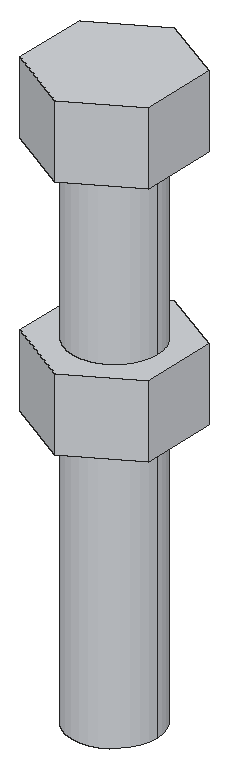
Revit family "Lag Bolt", category Generic Models, Revit 2018
Family settings
  Can host rebar = No
  Round Connector Dimension = Use Diameter
  Part Type = Normal
  Work Plane-Based = Yes
  Always vertical = No
  Cut with Voids When Loaded = No
  Shared = No
  Room Calculation Point = No
Parameters (values of type "1/2" x 3"")
  Thickness_of_Substrate [instance] = 0' - 1"
  Side = Head Size * 0.57812  # 0' - 0 111/256"
  Radius = Diameter / 2  # 0' - 0 1/4"
  Nut_Visibility [instance] = yes
  Length = 0' - 3"
  Head Size = 0' - 0 3/4"
  Head Radius = Head Size / 2  # 0' - 0 3/8"
  Head Height = 0' - 0 27/64"
  Diameter = 0' - 0 1/2"
  Default Elevation = 4' - 0"
  Bolt Material (Size) [instance] = none
Types (13): name | Side | Radius | Nut_Visibility | Length | Head Size | Head Radius | Head Height | Diameter
  1/2" x 3" | 0' - 0 111/256" | 0' - 0 1/4" | yes | 0' - 3" | 0' - 0 3/4" | 0' - 0 3/8" | 0' - 0 27/64" | 0' - 0 1/2"
  1/4" x 3" | 0' - 0.25293" | 0' - 0 1/8" | yes | 0' - 3" | 0' - 0 7/16" | 0' - 0 7/32" | 0' - 0 11/64" | 0' - 0 1/4"
  5/16" x 3" | 0' - 0 37/128" | 0' - 0 5/32" | yes | 0' - 3" | 0' - 0 1/2" | 0' - 0 1/4" | 0' - 0 7/32" | 0' - 0 5/16"
  3/8" x 3" | 0' - 0.3252" | 0' - 0 3/16" | no | 0' - 3" | 0' - 0 9/16" | 0' - 0 9/32" | 0' - 0 1/4" | 0' - 0 3/8"
  7/16" x 3" | 0' - 0.36133" | 0' - 0 7/32" | yes | 0' - 3" | 0' - 0 5/8" | 0' - 0 5/16" | 0' - 0 19/64" | 0' - 0 7/16"
  5/8" x 3" | 0' - 0.54199" | 0' - 0 5/16" | yes | 0' - 3" | 0' - 0 15/16" | 0' - 0 15/32" | 0' - 0 27/64" | 0' - 0 5/8"
  1/2" x 2 1/2" | 0' - 0 111/256" | 0' - 0 1/4" | yes | 0' - 2 1/2" | 0' - 0 3/4" | 0' - 0 3/8" | 0' - 0 11/32" | 0' - 0 1/2"
  3/4" x 2" | 0' - 0.65039" | 0' - 0 3/8" | yes | 0' - 2" | 0' - 1 1/8" | 0' - 0 9/16" | 0' - 0 1/2" | 0' - 0 3/4"
  3/8" x 1" | 0' - 0.3252" | 0' - 0 3/16" | yes | 0' - 1" | 0' - 0 9/16" | 0' - 0 9/32" | 0' - 0 1/4" | 0' - 0 3/8"
  1/2" x 4" | 0' - 0 111/256" | 0' - 0 1/4" | no | 0' - 4" | 0' - 0 3/4" | 0' - 0 3/8" | 0' - 0 1/2" | 0' - 0 1/2"
  TWO | 0' - 0 37/128" | 0' - 0 5/32" | yes | 0' - 1" | 0' - 0 1/2" | 0' - 0 1/4" | 0' - 0 7/32" | 0' - 0 5/16"
  ONE | 0' - 0 37/128" | 0' - 0 5/32" | yes | 0' - 1 3/4" | 0' - 0 1/2" | 0' - 0 1/4" | 0' - 0 7/32" | 0' - 0 5/16"
  1/4" x 5" | 0' - 0.25293" | 0' - 0 1/8" | no | 0' - 5" | 0' - 0 7/16" | 0' - 0 7/32" | 0' - 0 11/64" | 0' - 0 1/4"
Reference planes (in)
  plane 1 "Center (Front/Back)": y = 0
  plane 2: z = 0
  plane 3 "Center (Left/Right)": x = 0
  plane 4: z = 0.42187
  plane 5: z = -3
  plane 6: y = 0
  plane 7: x = 0
  plane 8: z = -1
Forms (in)
  Extrusion 1, solid, material <- "Bolt Material (Size)"
    sketch origin (0, 0, 0) x (1, 0, 0) y (0, 1, 0)
      loop
        circle (0, 0) r 0.25
    from -3 to 0
Lines and regions (in)
  model lines, style "InvisibleLines"
    curve 1: line (0, -0.64952, 0.42188) -> (0, 0.64952, 0.42188)
    curve 2: line (0.375, 0, 0.42188) -> (-0.375, 0, 0.42188)
  symbolic lines, style "InvisibleLines"
    curve 3: line (0, 0, 0.42187) -> (0, 0, -3)
    curve 4: line (0, 0, 0.42187) -> (0, 0, -3)
Dimensions and locks (in)
  "Head Height": plane 4 to level
  "Length": level to plane 5
  "Thickness_of_Substrate": level to plane 8
  "Radius": radius of Extrusion 1 sketch curve
  aligned and locked: level to plane 2
  aligned and locked: Extrusion 1 to plane 5
  aligned and locked: plane 7 to curve 1
  aligned and locked: plane 6 to curve 2
  aligned and locked: plane 6 to curve 4
Automatic sketch dimensions
  curve 3 to plane 3 "Center (Left/Right)" = 0' - 0"
  curve 3 to plane 5 = 0' - 0"
  curve 3 to plane 4 = 0' - 0"
  curve 4 to plane 5 = 0' - 0"
  curve 4 to plane 4 = 0' - 0"
  curve 1 to curve 2 = 0' - 0.64952"
  curve 2 to curve 1 = 0' - 0.64952"
  curve 2 to nested 1 = 0' - 0"  (x2)
  plane 1 "Center (Front/Back)" to Extrusion 1 sketch curve = 0' - 0"
  Extrusion 1 sketch curve to plane 3 "Center (Left/Right)" = 0' - 0"
Nested families (in)
  nested 1: "Nut" at (0, 0, 0), Diameter <- "Diameter", Head Height <- "Head Height", Head Size <- "Head Size", Bolt Material (Size) <- "Bolt Material (Size)", type "one"
    with Side 0' - 0 111/256", Radius 0' - 0 1/4", Head Size 0' - 0 3/4", Head Radius 0' - 0 3/8", Head Height 0' - 0 27/64", Diameter 0' - 0 1/2", Bolt Material (Size) none
  nested 2: "Nut" at (0, 0, -1) x (1, 0, 0) z (0, 0, -1), Diameter <- "Diameter", Head Height <- "Head Height", Head Size <- "Head Size", visible <- "Nut_Visibility", type "one"
    with Side 0' - 0 111/256", Radius 0' - 0 1/4", Head Size 0' - 0 3/4", Head Radius 0' - 0 3/8", Head Height 0' - 0 27/64", Diameter 0' - 0 1/2", Bolt Material (Size) none
Definition of nested family "Nut"
  Parameters (values of type "one")
    Side [instance] = Head Size * 0.57812  # 0' - 0 111/256"
    Radius [instance] = Diameter / 2  # 0' - 0 1/4"
    Head Size [instance] = 0' - 0 3/4"
    Head Radius [instance] = Head Size / 2  # 0' - 0 3/8"
    Head Height [instance] = 0' - 0 11/32"
    Diameter [instance] = 0' - 0 1/2"
    Default Elevation = 4' - 0"
    Bolt Material (Size) [instance] = none
  Reference planes (in)
    plane 1 "Center (Front/Back)": y = 0
    plane 2: z = 0
    plane 3 "Center (Left/Right)": x = 0
    plane 4: z = 0.34375
    plane 5: y = 0
    plane 6: x = 0
  Forms (in)
    Extrusion 1, solid, material <- "Bolt Material (Size)"
      sketch origin (0, 0, 0) x (1, 0, 0) y (0, 1, 0)
        loop
          line (0, 0.43301) -> (-0.375, 0.21651) -> (-0.375, -0.21651) -> (0, -0.43301) -> (0.375, -0.21651) -> (0.375, 0.21651) -> (0, 0.43301)
      from 0 to 0.34375
  Lines and regions (in)
    symbolic lines
      curve 1: line (0, 0, 0.34375) -> (0, 0, -3)
  Dimensions and locks (in)
    "Head Height": plane 4 to level
    "Head Radius": Extrusion 1 sketch curve to plane 3 "Center (Left/Right)"
    "Head Radius": Extrusion 1 sketch curve to plane 6
    "Head Radius": Extrusion 1 sketch curve to plane 5  (x2)
    locked: Extrusion 1 sketch curve to Extrusion 1 sketch curve (angle 120.00°)  (x5)
    aligned and locked: level to plane 2
    aligned and locked: Extrusion 1 to plane 4
    aligned and locked: plane 5 to curve 1
  Automatic sketch dimensions
    curve 1 to plane 4 = 0' - 0"
    curve 1 to level = 0' - 3"
    Extrusion 1 sketch curve to plane 3 "Center (Left/Right)" = 0' - 0"  (x2)
